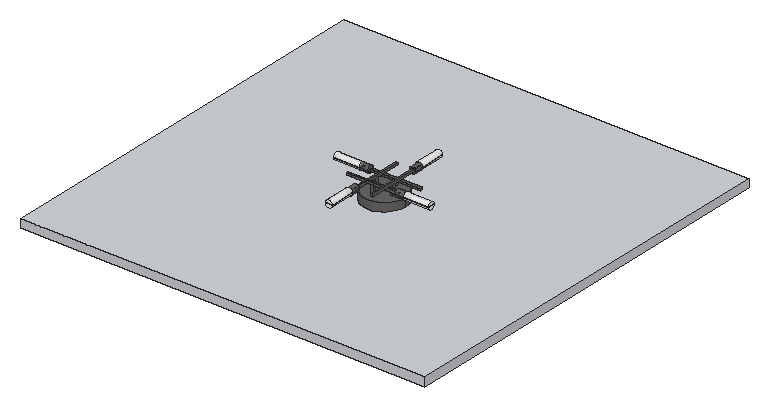
Revit family "P350209-031-30", category Lighting Fixtures, host Face, Revit 2021
Family settings
  Host = Face
  Round Connector Dimension = Use Diameter
  Part Type = Normal
  OmniClass Number = 23.80.70.11.14.17
  OmniClass Title = Direct/Indirect
  Cut with Voids When Loaded = No
  Light Source = No
  Shared = Yes
  Room Calculation Point = No
Parameters (values of type "P350209-031-30")
  Wood = Hubbell Gray
  Widh = 25.995"
  Watts = 25 W
  Wattage Comments = "25W"
  Warranty = "5 years Warranty"  # constant formula
  Voltage = 120 V
  URL = "https://www.hubbell.com/progresslighting/en"
  Product Link = "https://www.hubbell.com/progresslighting/en/Products/Lighting-Controls/Residential-Indoor-Lighting/LED/Quadrant-LED-Collection-Four-Light-Matte-Black-Modern-Style-Flush-Mount-Ceiling-or-Wall-Light/p/6668814"
  Product Documentation Link = "https://hubbellcdn.com/specsheet/PROG_P350209-031-30_spec.pdf"
  Power Factor = 1
  Model = "P350209-031-30"  # constant formula
  Manufacturer = "Progress Lighting"  # constant formula
  Load Classification = Lighting
  Gold = Hubbell Metal Vintage Brass
  Glass = Paint - Hubbell - White Texture
  Lamp = "LED/CFL/incandescent"  # constant formula
  Housing Material = Paint - Hubbell - Textured Camera Black
  Fixture distribution = "Direct"  # constant formula
  Features = "Application: Define space with a minimalist approach with the Quadrant LED Collection 4-Light Matte Black Frosted Glass Modern Flush Mount Ceiling Light ideal for any hallway, stairwell, entryway, kitchen, or sitting room.\r\nStyles: Perfect for modern and contemporary style settings.\r\nFinish: Metal struts coated in a classic matte black finish are arranged in a modern geometric design giving the layered frame an impression of substance in space.\r\nMaterials: Constructed from steel to ensure a long product lifespan.\r\nGlass/Shades: Integrated LED lights tip the end of the metal struts and glow from within the crisp frosted glass shades that create airy illumination.\r\nBulbs: For ideal illumination, 4 integrated LED modules are included (24w). 3000K. 90CRI. 1261 delivered lumens. Dimmable.\r\nDimensions: Measures 20-inch diameter by 4-inch height.\r\nCertifications: cETLus damp location listed, meets California Title 24 JA8-2019.\r\nPairs With: Pairs with a variety of Progress Lighting fixtures.\r\nWarranty: Our 5-year Limited Warranty guarantees your complete satisfaction with your purchase and includes professional after-sales customer service support."  # constant formula
  Description = "Quadrant LED Collection Four-Light Matte Black Modern Style Flush Mount Ceiling or Wall Light"  # constant formula
  Default Elevation = 48.00"
  Copyright = " ©2021 Progress Lighting, a division of Hubbell Lighting, Inc"  # constant formula
  Contact = "https://www.hubbell.com/progresslighting/en/contactUs"
  Connector Description = "Lighting Connector"  # constant formula
  Assembly Code = "D5020200"
  Apparent Load = Watts / Power Factor  # 25 VA
Reference planes (in)
  plane 1 "Center (Front/Back)": y = 0
  plane 2: z = 0
  plane 3 "Center (Left/Right)": x = 0
  plane 4: x = 12.9975
  plane 5: x = -12.9975
  plane 6: z = 20
  plane 7: y = 13
  plane 8: y = -13
Forms (in)
  Extrusion 1, solid
    sketch origin (0, 0, 0) x (1, 0, 0) y (0, 1, 0)
      loop
        line (-48, 48) -> (-48, -48) -> (48, -48) -> (48, 48) -> (-48, 48)
    from 0 to -2
  Revolve 2, solid, material "Paint - Hubbell - Textured Camera Black" <- "Housing Material"
    sketch origin (0, 0, 0) x (1, 0, 0) y (0, 0, 1)
      loop
        line (0, 0) -> (5, 0) -> (5, 2) -> (0, 2) -> (0, 0)
      axis (0, 2) -> (0, 0)
    angle from 0 to 360
  Extrusion 3, solid, material "Paint - Hubbell - Textured Camera Black" <- "Housing Material"
    sketch origin (-2.5, 6.75, 1.3125) x (1, 0, 0) y (0, 0, 1)
      loop
        line (-0.27948, 2.61972) -> (-0.27948, 2.11972) -> (0.22052, 2.11972) -> (0.22052, 2.61972) -> (-0.27948, 2.61972)
    from 0 to 12
  Revolve 4, solid, material "Paint - Hubbell - White Texture" <- "Glass"
    sketch origin (-2.5, 6, 3.73818) x (1, 0, 0) y (0, 1, 0)
      loop
        line (-0.00652, -13.25) -> (-0.00652, -19.25) -> (0.86331, -19.25) -> (0.86331, -13.25) -> (-0.00652, -13.25)
      axis (-0.00652, -13.25) -> (-0.00652, -19.25)
    angle from 0 to 360
  Extrusion 5, solid, material "Paint - Hubbell - Textured Camera Black" <- "Housing Material"
    sketch origin (-2.5, 0.75, 0) x (1, 0, 0) y (0, 1, 0)
      loop
        line (-0.27948, 0.11869) -> (-0.27948, -0.38131) -> (0.22052, -0.38131) -> (0.22052, 0.11869) -> (-0.27948, 0.11869)
    from 2 to 3.49472
  Revolve 6, solid, material "Paint - Hubbell - Textured Camera Black" <- "Housing Material"
    sketch origin (-2.5, 1.5, 3.73818) x (1, 0, 0) y (0, 1, 0)
      loop
        line (-0.00652, -8.74952) -> (0.73641, -8.74952) -> (0.73641, -6.74952) -> (-0.00652, -6.74952) -> (-0.00652, -8.74952)
      axis (-0.02948, -6.74952) -> (-0.02948, -8.74952)
    angle from 0 to 360
  Extrusion 7, solid, material "Paint - Hubbell - Textured Camera Black" <- "Housing Material"
    sketch origin (-6.75, -2.5, 1.8125) x (0, 1, 0) y (0, 0, 1)
      loop
        line (-0.27948, 2.61972) -> (-0.27948, 2.11972) -> (0.22052, 2.11972) -> (0.22052, 2.61972) -> (-0.27948, 2.61972)
    from 0 to 12
  Revolve 8, solid, material "Paint - Hubbell - White Texture" <- "Glass"
    sketch origin (-6, -2.5, 4.17568) x (0, 1, 0) y (-1, 0, 0)
      loop
        line (-0.00652, -13.25) -> (-0.00652, -19.25) -> (0.86331, -19.25) -> (0.86331, -13.25) -> (-0.00652, -13.25)
      axis (-0.00652, -13.25) -> (-0.00652, -19.25)
    angle from 0 to 360
  Extrusion 9, solid, material "Paint - Hubbell - Textured Camera Black" <- "Housing Material"
    sketch origin (-0.75, -2.5, 0) x (0, 1, 0) y (-1, 0, 0)
      loop
        line (-0.27948, 0.11869) -> (-0.27948, -0.38131) -> (0.22052, -0.38131) -> (0.22052, 0.11869) -> (-0.27948, 0.11869)
    from 2 to 3.93222
  Revolve 10, solid, material "Paint - Hubbell - Textured Camera Black" <- "Housing Material"
    sketch origin (-1.5, -2.5, 4.17568) x (0, 1, 0) y (-1, 0, 0)
      loop
        line (-0.00652, -8.74952) -> (0.73641, -8.74952) -> (0.73641, -6.74952) -> (-0.00652, -6.74952) -> (-0.00652, -8.74952)
      axis (-0.02948, -6.74952) -> (-0.02948, -8.74952)
    angle from 0 to 360
  Extrusion 11, solid, material "Paint - Hubbell - Textured Camera Black" <- "Housing Material"
    sketch origin (2.5, -6.75, 2.25) x (-1, 0, 0) y (0, 0, 1)
      loop
        line (-0.27948, 2.61972) -> (-0.27948, 2.11972) -> (0.22052, 2.11972) -> (0.22052, 2.61972) -> (-0.27948, 2.61972)
    from 0 to 12
  Revolve 12, solid, material "Paint - Hubbell - White Texture" <- "Glass"
    sketch origin (2.5, -6, 4.61318) x (-1, 0, 0) y (0, -1, 0)
      loop
        line (-0.00652, -13.25) -> (-0.00652, -19.25) -> (0.86331, -19.25) -> (0.86331, -13.25) -> (-0.00652, -13.25)
      axis (-0.00652, -13.25) -> (-0.00652, -19.25)
    angle from 0 to 360
  Extrusion 13, solid, material "Paint - Hubbell - Textured Camera Black" <- "Housing Material"
    sketch origin (2.5, -0.75, 0) x (-1, 0, 0) y (0, -1, 0)
      loop
        line (-0.27948, 0.11869) -> (-0.27948, -0.38131) -> (0.22052, -0.38131) -> (0.22052, 0.11869) -> (-0.27948, 0.11869)
    from 2 to 4.36972
  Revolve 14, solid, material "Paint - Hubbell - Textured Camera Black" <- "Housing Material"
    sketch origin (2.5, -1.5, 4.61318) x (-1, 0, 0) y (0, -1, 0)
      loop
        line (-0.00652, -8.74952) -> (0.73641, -8.74952) -> (0.73641, -6.74952) -> (-0.00652, -6.74952) -> (-0.00652, -8.74952)
      axis (-0.02948, -6.74952) -> (-0.02948, -8.74952)
    angle from 0 to 360
  Extrusion 15, solid, material "Paint - Hubbell - Textured Camera Black" <- "Housing Material"
    sketch origin (6.75, 2.5, 0.9375) x (0, -1, 0) y (0, 0, 1)
      loop
        line (-0.27948, 2.61972) -> (-0.27948, 2.11972) -> (0.22052, 2.11972) -> (0.22052, 2.61972) -> (-0.27948, 2.61972)
    from 0 to 12
  Revolve 16, solid, material "Paint - Hubbell - White Texture" <- "Glass"
    sketch origin (6, 2.5, 3.30068) x (0, -1, 0) y (1, 0, 0)
      loop
        line (-0.00652, -13.25) -> (-0.00652, -19.25) -> (0.86331, -19.25) -> (0.86331, -13.25) -> (-0.00652, -13.25)
      axis (-0.00652, -13.25) -> (-0.00652, -19.25)
    angle from 0 to 360
  Extrusion 17, solid, material "Paint - Hubbell - Textured Camera Black" <- "Housing Material"
    sketch origin (0.75, 2.5, 0) x (0, -1, 0) y (1, 0, 0)
      loop
        line (-0.27948, 0.11869) -> (-0.27948, -0.38131) -> (0.22052, -0.38131) -> (0.22052, 0.11869) -> (-0.27948, 0.11869)
    from 2 to 3.05722
  Revolve 18, solid, material "Paint - Hubbell - Textured Camera Black" <- "Housing Material"
    sketch origin (1.5, 2.5, 3.30068) x (0, -1, 0) y (1, 0, 0)
      loop
        line (-0.00652, -8.74952) -> (0.73641, -8.74952) -> (0.73641, -6.74952) -> (-0.00652, -6.74952) -> (-0.00652, -8.74952)
      axis (-0.02948, -6.74952) -> (-0.02948, -8.74952)
    angle from 0 to 360
Dimensions and locks (in)
  plane 4 to plane 5 = 25.995"  (x2)
  equal spacing: plane 4, plane 3 "Center (Left/Right)", plane 5
  "Widh": plane 5 to plane 4
  equal spacing: plane 5, plane 3 "Center (Left/Right)", plane 4
  plane 6 to plane 2 = 20.00"
  aligned and locked: plane 2 to Extrusion 1
Automatic sketch dimensions
  Extrusion 1 sketch curve to Extrusion 1 sketch curve = 96.00"  (x2)
  Revolve 2 sketch curve to plane 3 "Center (Left/Right)" = 0.00"  (x2)
  Revolve 2 sketch curve to level = 0.00"
  plane 3 "Center (Left/Right)" to Revolve 2 sketch curve = 5.00"
  level to Revolve 2 sketch curve = 2.00"
  Revolve 2 sketch curve to level = 24.00"
  Revolve 2 sketch curve to plane 6 = 21.14417"
  Extrusion 3 sketch curve to plane 3 "Center (Left/Right)" = 2.77948"
  Extrusion 3 sketch curve to plane 3 "Center (Left/Right)" = 2.27948"
  level to Extrusion 3 sketch curve = 3.43222"
  Extrusion 3 sketch curve to Extrusion 3 sketch curve = 0.50"
  plane 8 to Revolve 4 sketch curve = 0.25"
  Revolve 4 sketch curve to plane 3 "Center (Left/Right)" = 2.50652"  (x2)
  Revolve 4 sketch curve to plane 3 "Center (Left/Right)" = 1.63669"
  Revolve 4 sketch curve to Revolve 4 sketch curve = 6.00"
  Revolve 4 sketch curve to Revolve 4 sketch curve = 1.00"
  Revolve 4 sketch curve to Revolve 4 sketch curve = 1.25"
  Extrusion 5 sketch curve to plane 3 "Center (Left/Right)" = 2.77948"
  Extrusion 5 sketch curve to plane 3 "Center (Left/Right)" = 2.27948"
  Extrusion 5 sketch curve to plane 1 "Center (Front/Back)" = 0.36869"
  Extrusion 5 sketch curve to plane 1 "Center (Front/Back)" = 0.86869"
  Revolve 6 sketch curve to plane 3 "Center (Left/Right)" = 2.50652"
  Revolve 6 sketch curve to plane 3 "Center (Left/Right)" = 1.76359"
  Revolve 6 sketch curve to plane 8 = 5.75048"
  Revolve 6 sketch curve to Revolve 6 sketch curve = 2.00"
  Revolve 6 sketch curve to Revolve 6 sketch curve = 0.02296"
  Revolve 6 sketch curve to Revolve 6 sketch curve = 0.49952"
  Revolve 6 sketch curve to Revolve 6 sketch curve = 0.00048"
  plane 1 "Center (Front/Back)" to Extrusion 7 sketch curve = 2.77948"
  Extrusion 7 sketch curve to Extrusion 7 sketch curve = 0.50"  (x2)
  level to Extrusion 7 sketch curve = 3.93222"
  plane 1 "Center (Front/Back)" to Revolve 8 sketch curve = 2.50652"
  Revolve 8 sketch curve to Revolve 8 sketch curve = 0.86982"
  plane 4 to Revolve 8 sketch curve = 0.2525"
  Revolve 8 sketch curve to plane 4 = 5.7475"
  Revolve 8 sketch curve to Revolve 8 sketch curve = 0.00"
  Revolve 8 sketch curve to Revolve 8 sketch curve = 1.00"
  Revolve 8 sketch curve to Revolve 8 sketch curve = 1.25"
  Extrusion 9 sketch curve to plane 3 "Center (Left/Right)" = 0.36869"
  plane 1 "Center (Front/Back)" to Extrusion 9 sketch curve = 2.77948"
  Extrusion 9 sketch curve to Extrusion 9 sketch curve = 0.50"  (x2)
  plane 1 "Center (Front/Back)" to Revolve 10 sketch curve = 2.50652"
  Revolve 10 sketch curve to Revolve 10 sketch curve = 0.74293"
  Revolve 10 sketch curve to plane 4 = 5.74798"
  Revolve 10 sketch curve to Revolve 10 sketch curve = 2.00"
  Revolve 10 sketch curve to Revolve 10 sketch curve = 0.02296"
  Revolve 10 sketch curve to Revolve 10 sketch curve = 0.49952"
  Revolve 10 sketch curve to Revolve 10 sketch curve = 0.00048"
  plane 3 "Center (Left/Right)" to Extrusion 11 sketch curve = 2.77948"
  Extrusion 11 sketch curve to Extrusion 11 sketch curve = 0.50"  (x2)
  level to Extrusion 11 sketch curve = 4.36972"
  plane 3 "Center (Left/Right)" to Revolve 12 sketch curve = 2.50652"
  Revolve 12 sketch curve to Revolve 12 sketch curve = 0.86982"
  Revolve 12 sketch curve to plane 7 = 0.25"
  plane 7 to Revolve 12 sketch curve = 5.75"
  Revolve 12 sketch curve to Revolve 12 sketch curve = 0.00"
  Revolve 12 sketch curve to Revolve 12 sketch curve = 1.00"
  Revolve 12 sketch curve to Revolve 12 sketch curve = 1.25"
  plane 1 "Center (Front/Back)" to Extrusion 13 sketch curve = 0.36869"
  plane 3 "Center (Left/Right)" to Extrusion 13 sketch curve = 2.77948"
  Extrusion 13 sketch curve to Extrusion 13 sketch curve = 0.50"  (x2)
  plane 3 "Center (Left/Right)" to Revolve 14 sketch curve = 2.50652"
  Revolve 14 sketch curve to Revolve 14 sketch curve = 0.74293"
  plane 7 to Revolve 14 sketch curve = 5.75048"
  Revolve 14 sketch curve to Revolve 14 sketch curve = 2.00"
  Revolve 14 sketch curve to Revolve 14 sketch curve = 0.02296"
  Revolve 14 sketch curve to Revolve 14 sketch curve = 0.49952"
  Revolve 14 sketch curve to Revolve 14 sketch curve = 0.00048"
  Extrusion 15 sketch curve to plane 1 "Center (Front/Back)" = 2.77948"
  Extrusion 15 sketch curve to Extrusion 15 sketch curve = 0.50"  (x2)
  level to Extrusion 15 sketch curve = 3.05722"
  Revolve 16 sketch curve to plane 1 "Center (Front/Back)" = 2.50652"
  Revolve 16 sketch curve to Revolve 16 sketch curve = 0.86982"
  Revolve 16 sketch curve to plane 5 = 0.2525"
  plane 5 to Revolve 16 sketch curve = 5.7475"
  Revolve 16 sketch curve to Revolve 16 sketch curve = 0.00"
  Revolve 16 sketch curve to Revolve 16 sketch curve = 1.00"
  Revolve 16 sketch curve to Revolve 16 sketch curve = 1.25"
  plane 3 "Center (Left/Right)" to Extrusion 17 sketch curve = 0.36869"
  Extrusion 17 sketch curve to plane 1 "Center (Front/Back)" = 2.77948"
  Extrusion 17 sketch curve to Extrusion 17 sketch curve = 0.50"  (x2)
  Revolve 18 sketch curve to plane 1 "Center (Front/Back)" = 2.50652"
  Revolve 18 sketch curve to Revolve 18 sketch curve = 0.74293"
  plane 5 to Revolve 18 sketch curve = 5.74798"
  Revolve 18 sketch curve to Revolve 18 sketch curve = 2.00"
  Revolve 18 sketch curve to Revolve 18 sketch curve = 0.02296"
  Revolve 18 sketch curve to Revolve 18 sketch curve = 0.49952"
  Revolve 18 sketch curve to Revolve 18 sketch curve = 0.00048"
Nested families (in)
  nested 1: "Family1" at (-24.40841, 4.27948, 3), type "Family1"
  nested 2: "Family1" at (3.27948, 24.40841, 3) x (0, -1, 0) z (0, 0, 1), type "Family1"
  nested 3: "Family1" at (24.40841, -3.27948, 3) x (-1, 0, 0) z (0, 0, 1), type "Family1"
  nested 4: "Family1" at (-3.27948, -24.40841, 3) x (0, 1, 0) z (0, 0, 1), type "Family1"
Connectors (in)
  electrical at (0, 0, 0), driven by "Connector Description", driven by "Power Factor", driven by "Apparent Load", driven by "Voltage"
    settings: on Revolve 2, index 1, voltage 120 V, apparent load 25 VA, apparent load phase1 0 VA, apparent load phase2 0 VA, apparent load phase3 0 VA, power factor 1, load classification "Other", number of poles 1, system type 30, power factor state 1, is connector primary yes, connector utility no, sub classification motor no, connector description "Lighting Connector"
Definition of nested family "Family1"
  Parameters (values of type "Family1")
    Wattage = 25 W
    built-in parameter 1150110 = 1 (stored number, unit not read)
    built-in parameter 1114217 = 1 (stored number, unit not read)
    Tilt Angle = 0.00°
    built-in parameter 1150109 = 1 (stored number, unit not read)
    built-in parameter 1150134 = 3
    built-in parameter 1150113 = 1 (stored number, unit not read)
    Photometric Web File = "PROG_P350209-031-30_20.00776_testlabreports.ies"
    built-in parameter 1150105 = 198.94 (stored number, unit not read)
    Lumens = 2500 lm
    built-in parameter 1150115 = 1 (stored number, unit not read)
    built-in parameter 1150137 = (empty or 0)
    built-in parameter 1150139 = (empty or 0)
    built-in parameter 1150112 = 1 (stored number, unit not read)
    built-in parameter 1150114 = 1 (stored number, unit not read)
    built-in parameter 1150132 = (empty or 0)
    built-in parameter 1150102 = (empty or 0)
    built-in parameter 1150107 = 3200 (stored number, unit not read)
    built-in parameter 1150138 = (empty or 0)
    built-in parameter 1150106 = 1.9894 (stored number, unit not read)
    built-in parameter 1150104 = 9.2903 (stored number, unit not read)
    Dimming Lamp Color Temperature Shift = (empty or 0)
    Default Elevation = 0.00"
    Color Filter = 16777215
    built-in parameter 1114218 = 1 (stored number, unit not read)
    built-in parameter 1150133 = 10 (stored number, unit not read)
  Reference planes (in)
    plane 1 "Center (Front/Back)": y = 0
    plane 2: z = 0
    plane 3 "Center (Left/Right)": x = 0
  Dimensions and locks (in)
    aligned and locked: plane 2 to level
